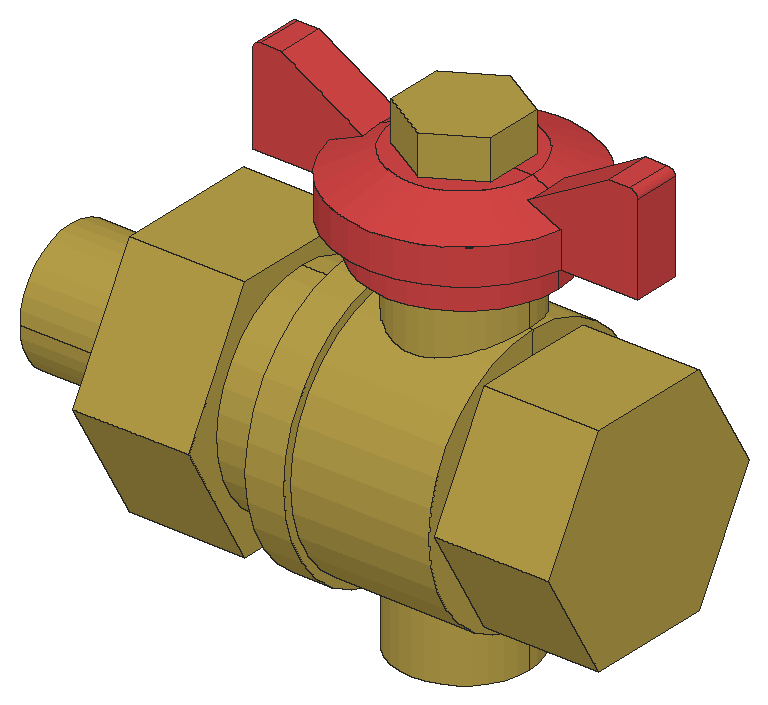
Revit family "Кран шаровый для датчика температуры Weser", category Арматура трубопроводов, Revit 2020
Family settings
  Размер круглого соединителя = Использовать диаметр
  Тип детали = Клапан - Вставляется
  На основе рабочей плоскости = Нет
  Всегда вертикально = Да
  При загрузке вырезать с полостями = Нет
  Общий = Нет
Parameters (values of type "Кран шаровый на отводы")
  Бобышка под термодатчик [instance] = yes
  WSR_D1 [instance] = 15 mm
  LT = "Кран шаровый отводы"  # constant formula
  Отметка по умолчанию = 0 mm
  Изготовитель (телефон) = ""
  Изготовитель (email) = ""
  Изготовитель = "Weser"  # constant formula
  i2 [instance] = SW2 / sqrt(3)  # 16.166 mm
  i1 [instance] = SW1 / sqrt(3)  # 18.475 mm
  URL = "https://www.weser.ru/about/documentation/"
  SW2 [instance] = size_lookup(LT, "SW2", 0 mm, WSR_D1)  # 28 mm
  SW1 [instance] = size_lookup(LT, "SW1", 0 mm, WSR_D1)  # 32 mm
  R [instance] = size_lookup(LT, "R", 0 mm, WSR_D1)  # 18 mm
  L2 [instance] = size_lookup(LT, "L2", 0 mm, WSR_D1)  # 70 mm
  L1 [instance] = size_lookup(LT, "L1", 0 mm, WSR_D1)  # 60 mm
  L [instance] = size_lookup(LT, "L", 0 mm, WSR_D1)  # 75 mm
  D [instance] = WSR_D1 * 1.1  # 16.5 mm
  B [instance] = size_lookup(LT, "B", 0 mm, WSR_D1)  # 40 mm
  ADSK_Расход жидкости [instance] = 1.5 m³/h
  ADSK_Потеря давления жидкости [instance] = 25.0 kPa
  ADSK_Позиция [instance] = ""
  ADSK_Обозначение [instance] = ""
  ADSK_Наименование [instance] = size_lookup(LT, "", "Решение не найдено", WSR_D1)  # "Кран шаровой для датчика температуры 1/2 бабочка"
  ADSK_Материал = Латунь
  ADSK_Масса_Текст [instance] = ""
  ADSK_Масса [instance] = 0
  ADSK_Количество = 1  # constant formula
  ADSK_Код изделия [instance] = size_lookup(LT, "ART", "Решение не найдено", WSR_D1)  # "WHM15T"
  ADSK_Завод-изготовитель = Изготовитель  # "Weser"
  ADSK_Единица измерения = "шт"  # constant formula
  ADSK_URL документации изделия = ""
  A [instance] = size_lookup(LT, "A", 0 mm, WSR_D1)  # 50 mm
Reference planes
  plane 1 "По центру (Вперед/Назад)": y = 0
  plane 2: z = 0
  plane 3 "По центру (Влево/Вправо)": x = 17.541
  plane 4 "коллектор": x = -18.459
  plane 5 "баланс": x = 41.541
  plane 6: z = 40
  plane 7: x = -3.459
  plane 8: x = 26.541
  plane 9: x = -33.459
  plane 10: x = -28.459
  plane 11: z = 18
  plane 12: z = 17
  plane 13: z = 14
  plane 14: x = -7.459
  plane 15: x = 42.541
  plane 16: z = 22.824
  plane 17: x = 3.541
  plane 18: x = 8.541
  plane 19: z = -22.824
Forms (mm)
  Sweep 1, solid, material "Латунь" <- "ADSK_Материал", detail levels fine
    path origin (0, 0, 0) x (1, 0, 0) y (0, 0, 1)
      loop
        line (-18.459, 0) -> (-3.459, 0)
    profile origin (-10.959, 0, 0) x (0, 0, 1) y (0, -1, 0)
      loop
        line (16, 9.238) -> (0, 18.475) -> (-16, 9.238) -> (-16, -9.238) -> (0, -18.475) -> (16, -9.238) -> (16, 9.238)
  Sweep 2, solid, material "Латунь" <- "ADSK_Материал", detail levels fine
    path origin (56, 0, 0) x (1, 0, 0) y (0, 0, 1)
      loop
        line (-29.459, 0) -> (-14.459, 0)
    profile origin (34.041, 0, 0) x (0, 0, 1) y (0, -1, 0)
      loop
        line (14, 8.083) -> (0, 16.166) -> (-14, 8.083) -> (-14, -8.083) -> (0, -16.166) -> (14, -8.083) -> (14, 8.083)
  Extrusion 3, solid, material "Латунь" <- "ADSK_Материал", detail levels fine
    sketch origin (17.541, 0, 0) x (0, 1, 0) y (0, 0, 1)
      loop
        circle (0, 0) r 8.25
    from -51 to -36
  Extrusion 4, solid, material "Латунь" <- "ADSK_Материал", detail levels fine
    sketch origin (0, 0, 0) x (1, 0, 0) y (0, 1, 0)
      loop
        circle (17.541, 0) r 8.5
    from 0 to 22.824
  Revolve 5, solid, material "Латунь" <- "ADSK_Материал", detail levels fine
    sketch origin (0, 0, 0) x (1, 0, 0) y (0, 0, 1)
      loop
        line (-3.459, 0) -> (26.541, 0) -> (26.541, 17) -> (8.541, 17) -> (8.541, 18) -> (3.541, 18) -> (3.541, 14) -> (-3.459, 14) -> (-3.459, 0)
      axis (-3.459, 0) -> (26.541, 0)
    angle from 0 to 360
  Extrusion 6, solid, material "Латунь" <- "ADSK_Материал", visible <- "Бобышка под термодатчик", detail levels fine
    sketch origin (71.783, 0, 0) x (1, 0, 0) y (0, 1, 0)
      loop
        circle (-54.242, 0) r 8.5
    from -22.824 to 0
Cuts and joins
  joined: Sweep 1, Sweep 2, Extrusion 3, Extrusion 4, Revolve 5
Lines and regions (mm)
  model lines, detail levels coarse+medium
    curve 1: line (-28.459, 0, 0) -> (-18.459, 0, 0)
Dimensions and locks
  locked: plane 7 to plane 4 "коллектор" at 15
  locked: plane 8 to plane 5 "баланс" at 15
  "i1": Sweep 1 sketch curve to Sweep 1 sketch curve  (x6)
  equal spacing: Sweep 1 sketch curve, profile plane, Sweep 1 sketch curve  (x2)
  "SW1": Sweep 1 sketch curve to Sweep 1 sketch curve  (x3)
  "i2": Sweep 2 sketch curve to Sweep 2 sketch curve  (x6)
  equal spacing: Sweep 2 sketch curve, profile plane, Sweep 2 sketch curve  (x2)
  "SW2": Sweep 2 sketch curve to Sweep 2 sketch curve  (x3)
  "L1": plane 5 "баланс" to plane 4 "коллектор"
  "L": plane 5 "баланс" to plane 9
  "L2": plane 5 "баланс" to plane 10
  "B": plane 6 to level
  locked: plane 11 to plane 12 at 1
  locked: plane 12 to plane 13 at 3
  "R": plane 11 to level
  equal spacing: plane 14, plane 3 "По центру (Влево/Вправо)", plane 15
  "A": plane 15 to plane 14
  locked: plane 6 to plane 16 at 17.176
  locked: plane 17 to plane 7 at 7
  locked: plane 18 to plane 17 at 5
  equal spacing: plane 8, plane 3 "По центру (Влево/Вправо)", plane 18
  equal spacing: plane 19, level, plane 16
  "D": diameter of Extrusion 3 sketch curve
  aligned and locked: level to plane 2
  aligned and locked: plane 4 "коллектор" to Sweep 1 sketch curve
  aligned and locked: plane 7 to Sweep 1 sketch curve
  aligned and locked: Sweep 1 sketch curve to level
  aligned and locked: plane 8 to Sweep 2 sketch curve
  aligned and locked: plane 5 "баланс" to Sweep 2 sketch curve
  aligned and locked: Sweep 2 sketch curve to level
  aligned and locked: Extrusion 3 to plane 9
  aligned and locked: plane 4 "коллектор" to Extrusion 3
  aligned and locked: plane 6 to nested 1
  aligned and locked: plane 3 "По центру (Влево/Вправо)" to nested 1
  aligned and locked: plane 16 to Extrusion 4
  aligned and locked: Revolve 5 sketch curve to plane 11
  aligned and locked: Revolve 5 sketch curve to plane 18
  aligned and locked: Revolve 5 sketch curve to plane 12
  aligned and locked: plane 17 to Revolve 5 sketch curve
  aligned and locked: Revolve 5 sketch curve to plane 13
  aligned and locked: plane 8 to Revolve 5 sketch curve
  aligned and locked: plane 7 to Revolve 5 sketch curve
  aligned and locked: level to Revolve 5 sketch curve
  aligned and locked: Revolve 5 sketch curve to level
  aligned and locked: plane 5 "баланс" to nested 2
  aligned and locked: plane 10 to curve 1
  aligned and locked: plane 4 "коллектор" to curve 1
  aligned and locked: plane 1 "По центру (Вперед/Назад)" to curve 1
  aligned and locked: Extrusion 6 to plane 19
  aligned and locked: level to Extrusion 6
  aligned and locked: plane 3 "По центру (Влево/Вправо)" to Extrusion 6 sketch curve
  aligned and locked: plane 1 "По центру (Вперед/Назад)" to Extrusion 6 sketch curve
Automatic sketch dimensions
  plane 1 "По центру (Вперед/Назад)" to Extrusion 4 sketch curve = 0 mm
  Extrusion 4 sketch curve to plane 3 "По центру (Влево/Вправо)" = 0 mm
  Revolve 5 sketch curve to plane 15 = 13 mm
  Revolve 5 sketch curve to Revolve 5 sketch curve = 12.78 mm
  Extrusion 3 sketch curve to level = 0 mm
  Extrusion 3 sketch curve to plane 1 "По центру (Вперед/Назад)" = 0 mm
  radius of Extrusion 4 sketch curve = 8.5 mm
  radius of Extrusion 6 sketch curve = 8.5 mm
Nested families
  nested 1: "Рукоятка" at (17.541, 0, 22.824), A <- "A", type "Рукоятка"
    with ADSK_Позиция "", ADSK_Обозначение "", ADSK_Наименование "", ADSK_Масса_Текст "", ADSK_Масса 0, ADSK_Код изделия "", A 50 mm
  nested 2: "УГО кран шаровый прямой" at (11.541, 0, 0) x (1, 0, 0) z (0, -1, 0), L <- "L1", type "УГО Клапан запорный"
    with УГО в разрезе yes, УГО в плане no, L1 10 mm, L 60 mm, H 30 mm, D 30 mm, ADSK_Позиция "", ADSK_Обозначение "", ADSK_Наименование "", ADSK_Код изделия ""
Connectors
  piping at (41.541, 0, 0), diameter 15, driven by "WSR_D1"
    settings: on cut or joined group of Sweep 1, Sweep 2, Extrusion 3, Extrusion 4, Revolve 5, index 1, connector inside diameter 609.6 mm, connector length 0 mm, flow factor 0, pipe flow 0.0 m³/h, pressure drop 0.0 kPa, fitting loss kfactor 0, connector angle 0.00°, fixture units 0, engagement length 0 mm, angle of deflection 0.00°, flow configuration 0, flow direction 0, fitting loss method 0, system type 28, joint type 0, gender type 0, connector reference index -1, connector utility 0, adjustable connector no, is connector primary yes, connector description ""
  piping at (-33.459, 0, 0), diameter 15, driven by "WSR_D1"
    settings: on cut or joined group of Sweep 1, Sweep 2, Extrusion 3, Extrusion 4, Revolve 5, index 2, connector inside diameter 609.6 mm, connector length 0 mm, flow factor 0, pipe flow 0.0 m³/h, pressure drop 0.0 kPa, fitting loss kfactor 0, connector angle 0.00°, fixture units 0, engagement length 0 mm, angle of deflection 0.00°, flow configuration 0, flow direction 0, fitting loss method 0, system type 28, joint type 0, gender type 0, connector reference index -1, connector utility 0, adjustable connector no, is connector primary no, connector description ""
Definition of nested family "Рукоятка"
  Parameters (values of type "Рукоятка")
    Разработчик (телефон) = "+7(495)649-85-43"  # constant formula
    Разработчик (email) = "office@prorubim.com"  # constant formula
    Разработчик (URL) = "http://prorubim.com/ru/"
    Разработчик = "ООО ПРОРУБИМ"  # constant formula
    Default Elevation = 0 mm
    Изготовитель (телефон) = "+7(495)792-57-57"  # constant formula
    Изготовитель (email) = "call@danfoss.ru"  # constant formula
    Manufacturer = "Danfoss"  # constant formula
    URL = "https://www.danfoss.com"
    ADSK_Позиция [instance] = ""
    ADSK_Обозначение [instance] = ""
    ADSK_Наименование [instance] = ""
    ADSK_Материал = none
    ADSK_Масса_Текст [instance] = ""
    ADSK_Масса [instance] = 0
    ADSK_Количество = 1  # constant formula
    ADSK_Код изделия [instance] = ""
    ADSK_Завод-изготовитель = Manufacturer  # "Danfoss"
    ADSK_Единица измерения = "шт"  # constant formula
    ADSK_URL документации изделия = ""
    A [instance] = 52 mm
  Reference planes
    plane 1 "По центру (Вперед/Назад)": y = 0
    plane 2: z = 0
    plane 3 "По центру (Влево/Вправо)": x = 0
    plane 4: x = -8
    plane 5: x = -26
    plane 6: x = 26
    plane 7: z = 4.549
    plane 8: z = 17.176
    plane 9: z = 9.549
    plane 10: x = 8
  Forms (mm)
    Revolve 1, solid, material <- "ADSK_Материал", detail levels fine
      sketch origin (0, 0, 0) x (1, 0, 0) y (0, 0, 1)
        loop
          line (0, 12.1) -> (-8.918, 12.1) -> (-15.295, 9.126) -> (-15.295, 4.549) -> (-12.27, 4.549) -> (-12.27, 0) -> (0, 0) -> (0, 12.1)
        axis (0, 12.1) -> (0, 0)
      angle from 0 to 360
    Extrusion 2, solid, material <- "ADSK_Материал", detail levels fine
      sketch origin (0, 0, 0) x (1, 0, 0) y (0, 0, 1)
        loop
          line (-26, 4.549) -> (26, 4.549) -> (26, 16.176)
          arc (26, 16.176) -> (25.707, 16.883) -> (25, 17.176) r 1
          line (25, 17.176) -> (21.21, 17.176) -> (8, 9.549) -> (-8, 9.549) -> (-21.21, 17.176) -> (-25, 17.176)
          arc (-25, 17.176) -> (-25.707, 16.883) -> (-26, 16.176) r 1
          line (-26, 16.176) -> (-26, 4.549)
      from 3 to -3
    Extrusion 3, solid, detail levels fine
      sketch origin (0, 0, 0) x (1, 0, 0) y (0, 1, 0)
        loop
          line (-6.5, -3.753) -> (0, -7.506) -> (6.5, -3.753) -> (6.5, 3.753) -> (0, 7.506) -> (-6.5, 3.753) -> (-6.5, -3.753)
      from 12.1 to 17.176
  Cuts and joins
    joined: Revolve 1, Extrusion 2
  Dimensions and locks
    equal spacing: plane 6, plane 3 "По центру (Влево/Вправо)", plane 5
    "A": plane 6 to plane 5
    locked: plane 7 to level at 4.549
    locked: plane 8 to level at 17.176
    plane 9 to plane 7 = 5 mm
    plane 10 to plane 3 "По центру (Влево/Вправо)" to plane 4 = 8 mm locked, 8 mm locked
    radius of Extrusion 2 sketch curve = 1 mm  (x2)
    locked: Extrusion 2 sketch curve to level (angle 30.00°)
    locked: level to Extrusion 2 sketch curve (angle 30.00°)
    aligned and locked: level to plane 2
    aligned and locked: Extrusion 3 to cut or joined group of Revolve 1, Extrusion 2
    aligned and locked: Extrusion 2 to Revolve 1
    aligned and locked: plane 5 to Extrusion 2 sketch curve
    aligned and locked: plane 7 to Extrusion 2 sketch curve
    aligned and locked: plane 4 to Extrusion 2 sketch curve
    aligned and locked: Extrusion 2 sketch curve to plane 9
    aligned and locked: plane 10 to Extrusion 2 sketch curve
    aligned and locked: plane 8 to Extrusion 2 sketch curve
    aligned and locked: Extrusion 2 sketch curve to plane 6
  Automatic sketch dimensions
    Revolve 1 sketch curve to level = 0 mm
    Revolve 1 sketch curve to plane 3 "По центру (Влево/Вправо)" = 0 mm  (x2)
    Revolve 1 sketch curve to plane 3 "По центру (Влево/Вправо)" = 8.918 mm
    Revolve 1 sketch curve to plane 3 "По центру (Влево/Вправо)" = 12.27 mm
    Revolve 1 sketch curve to Revolve 1 sketch curve = 3.025 mm
    level to Revolve 1 sketch curve = 4.549 mm
    Revolve 1 sketch curve to Revolve 1 sketch curve = 4.578 mm
    Revolve 1 sketch curve to Revolve 1 sketch curve = 2.973 mm
    Revolve 1 sketch curve to Revolve 1 sketch curve = 10.666 mm
    Revolve 1 sketch curve to Revolve 1 sketch curve = 2.356 mm
    Extrusion 3 sketch curve to plane 3 "По центру (Влево/Вправо)" = 0 mm  (x2)
    Extrusion 3 sketch curve to plane 3 "По центру (Влево/Вправо)" = 6.5 mm
    plane 3 "По центру (Влево/Вправо)" to Extrusion 3 sketch curve = 6.5 mm
    plane 1 "По центру (Вперед/Назад)" to Extrusion 3 sketch curve = 7.506 mm
    plane 1 "По центру (Вперед/Назад)" to Extrusion 3 sketch curve = 3.753 mm  (x2)
    Extrusion 3 sketch curve to plane 1 "По центру (Вперед/Назад)" = 3.753 mm  (x2)
    Extrusion 3 sketch curve to Extrusion 3 sketch curve = 3.753 mm
    Extrusion 2 sketch curve to plane 8 = 0 mm
Definition of nested family "УГО кран шаровый прямой"
  Parameters (values of type "УГО 1")
    УГО в разрезе [instance] = not(УГО в плане)  # yes
    УГО в плане [instance] = no
    Default Elevation = 0 mm
    Manufacturer = "Weser"  # constant formula
    L1 [instance] = L / 6  # 16.667 mm
    L [instance] = 100 mm
    H [instance] = D  # 50 mm
    D [instance] = L / 2  # 50 mm
    ADSK_Позиция [instance] = ""
    ADSK_Обозначение [instance] = ""
    ADSK_Наименование [instance] = ""
    ADSK_Масса = 0
    ADSK_Количество = 1  # constant formula
    ADSK_Код изделия [instance] = ""
    ADSK_Завод-изготовитель = Manufacturer  # "Weser"
    ADSK_Единица измерения = "шт"  # constant formula
    ADSK_URL документации изделия = ""
  Types (2, lengths in mm): name | УГО в разрезе | УГО в плане | L1 | L | H | D
    УГО 1 | yes | no | 16.667 | 100 | 50 | 50
    УГО Клапан запорный | no | yes | 33.333 | 200 | 100 | 100
  Reference planes
    plane 1 "По центру (Вперед/Назад)": y = 0
    plane 2: z = 0
    plane 3 "По центру (Влево/Вправо)": x = 0
    plane 4: x = -50
    plane 5: x = -8.333
    plane 6: x = 50
    plane 7: x = 8.333
    plane 8: y = 25
    plane 9: y = -25
    plane 10: z = 25
    plane 11: z = -25
  Lines and regions (mm)
    model lines, detail levels coarse+medium
      curve 1: line (-50, 0, 25) -> (-50, 0, -25)
      curve 2: line (50, 0, 25) -> (50, 0, -25)
      curve 3: circle (0, 0, 0) r 8.333 normal (0, -1, 0)
      curve 6: line (-50, 0, 25) -> (-7.454, 0, 3.727)
      curve 7: line (-50, 0, -25) -> (-7.454, 0, -3.727)
      curve 8: line (7.454, 0, -3.727) -> (50, 0, -25)
      curve 9: line (7.454, 0, 3.727) -> (50, 0, 25)
    reference lines
      curve 4: line (-50, 0, 25) -> (50, 0, -25)
      curve 5: line (-50, 0, -25) -> (50, 0, 25)
  Dimensions and locks
    equal spacing: plane 4, plane 3 "По центру (Влево/Вправо)", plane 6
    "L": plane 4 to plane 6
    equal spacing: plane 5, plane 3 "По центру (Влево/Вправо)", plane 7
    "L1": plane 5 to plane 7
    equal spacing: plane 8, plane 1 "По центру (Вперед/Назад)", plane 9
    "D": plane 8 to plane 9
    equal spacing: plane 10, level, plane 11
    "D": plane 10 to plane 11
    "L1": diameter of curve 3
    aligned and locked: level to plane 2
    aligned and locked: plane 10 to curve 4
    aligned and locked: plane 11 to curve 4
    aligned and locked: plane 6 to curve 4
    aligned and locked: plane 4 to curve 4
    aligned and locked: plane 10 to curve 5
    aligned and locked: plane 6 to curve 5
    aligned and locked: plane 11 to curve 5
    aligned and locked: plane 4 to curve 5
    aligned and locked: curve 4 to curve 8
    aligned and locked: curve 5 to curve 9
    aligned and locked: curve 6 to curve 4
    aligned and locked: curve 7 to curve 5
  Automatic sketch dimensions
    curve 1 to plane 4 = 0 mm
    curve 3 to level = 0 mm
    curve 3 to plane 3 "По центру (Влево/Вправо)" = 0 mm
    plane 6 to curve 8 = 0 mm
